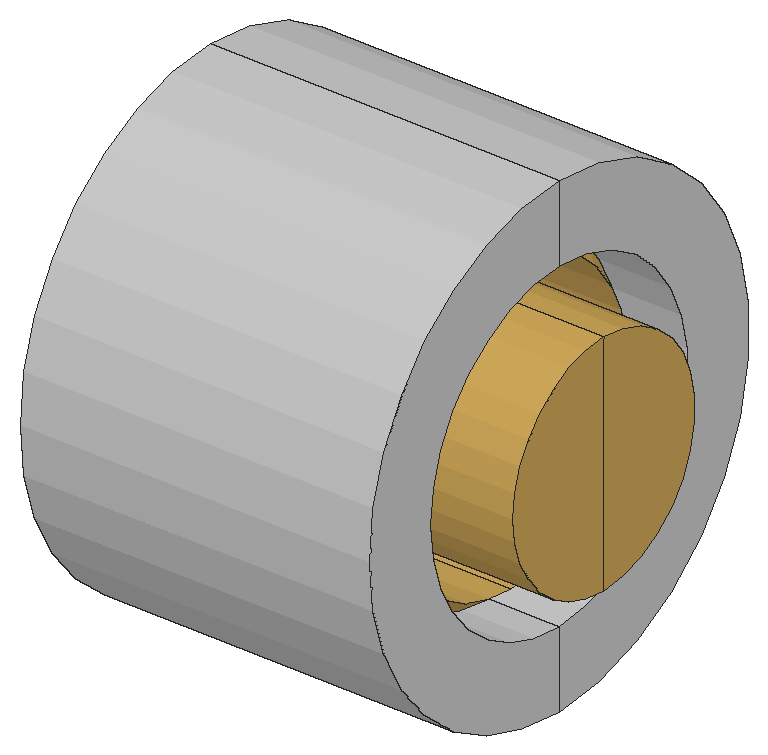
Revit family "6092_Kunststoffrohranschlüsse G 1_2 für PE-X, PB- & Alu-Verbundrohre (Doppel O-Ringe & ISO)", category Rohrformteile, Revit 2021
Family settings
  Bemaßung runder Anschluss = Durchmesser verwenden
  Teiletyp = Verbindung
  OmniClass-Nummer = 23.65.55.14
  OmniClass-Titel = Valves for Liquid Services
  Arbeitsebenenbasiert = Nein
  Immer vertikal = Ja
  Beim Laden mit Abzugskörper schneiden = Nein
  Gemeinsam genutzt = Nein
Parameters (values of type "16x2.0")
  Vorgabe-Ansicht = 0.000 mm
  URL = "www.herz-armaturen.at"
  Tülle = "CW617N"  # constant formula
  TL04 [instance] = if([12x2.0], 17.000 mm, if([16x2.0], 13.700 mm, 0.000 mm))  # 13.700 mm
  TL03 [instance] = if([12x2.0], 1.200 mm, if([16x2.0], 2.700 mm, 0.000 mm))  # 2.700 mm
  TL02 [instance] = if([12x2.0], 6.000 mm, if([16x2.0], 8.900 mm, 0.000 mm))  # 8.900 mm
  TL01 [instance] = 3.500 mm  # constant formula
  TL00 [instance] = if([12x2.0], 22.000 mm, if([16x2.0], 20.200 mm, 0.000 mm))  # 20.200 mm
  TD04 [instance] = if([12x2.0], 3.850 mm, if([16x2.0], 5.850 mm, 0.000 mm))  # 5.850 mm
  TD03 [instance] = if([12x2.0], 6.850 mm, if([16x2.0], 7.950 mm, 0.000 mm))  # 7.950 mm
  TD02 [instance] = if([12x2.0], 7.500 mm, if([16x2.0], 8.500 mm, 0.000 mm))  # 8.500 mm
  TD01 [instance] = if([12x2.0], 8.300 mm, if([16x2.0], 9.350 mm, 0.000 mm))  # 9.350 mm
  TD00 = 7.500 mm  # constant formula
  SCRNSEQ = "AWI;AWI_TYP=\"1001\";2"
  SCRNCODE = "07;01;02"  # constant formula
  S02 = 5.000 mm  # constant formula
  S01 = 5.000 mm  # constant formula
  O-Ring = "EPDM"  # constant formula
  Nennweite_Press [instance] = if([12x2.0], 12.000 mm, if([16x2.0], 16.000 mm, 0.000 mm))  # 16.000 mm
  Nennweite = 15.000 mm  # constant formula
  Mutter = "CW617N, vernickelt, M22x1.5"  # constant formula
  Medium = "Heizungswasser nach ÖNORM H5195 oder VDI- Richtlinie 2035.\r\nDie Verwendung von Ethylen- oder Propyleneglykol in einem Mischungsverhältnis 25-50% ist zulässig."
  Max. Betriebstemperatur = 95 °C  # constant formula
  Max. Betriebsdruck = 1000000.0 Pa  # constant formula
  ML03 = 5.000 mm  # constant formula
  ML02 [instance] = if([12x2.0], 10.500 mm, if([16x2.0], 14.000 mm, 0.000 mm))  # 14.000 mm
  ML01 [instance] = TL02 + KL01  # 13.900 mm
  ML00 [instance] = if([12x2.0], 17.000 mm, if([16x2.0], 18.000 mm, 0.000 mm))  # 18.000 mm
  MD04 = 12.800 mm  # constant formula
  MD03 = 11.000 mm  # constant formula
  MD02 [instance] = if([12x2.0], 6.500 mm, if([16x2.0], 8.325 mm, 0.000 mm))  # 8.325 mm
  MD01 = 9.500 mm  # constant formula
  MD00 [instance] = if([12x2.0], 13.500 mm, if([16x2.0], 12.250 mm, 0.000 mm))  # 12.250 mm
  Klemmring = "CW617N"  # constant formula
  KL02 [instance] = (KL00 - KL01) / 2  # 1.500 mm
  KL01 [instance] = if([12x2.0], 5.000 mm, if([16x2.0], 5.000 mm, 0.000 mm))  # 5.000 mm
  KL00 = 8.000 mm  # constant formula
  KH00 [instance] = if([12x2.0], 2.000 mm, if([16x2.0], 1.050 mm, 0.000 mm))  # 1.050 mm
  Hinweiß zum Werkstoff = "Gemäß Art 33 der REACH-Verordnung (EG Nr. 1907/2006) sind wir verpflichtet, darauf hinzuweisen, dass der Stoff Blei auf der SVHC-Liste geführt wird und dass alle aus Messing bestehenden Bauteile, die in unseren Erzeugnissen verarbeitet sind, mehr als 0,1 % (w/w) Blei (CAS: 7439-92-1 / EINECS: 231-100-4) enthalten.\r\nDa Blei als Legierungsbestandteil fest gebunden ist, sind keine Expositionen zu erwarten und daher sind keine zusätzlichen Angaben zur sicheren Verwendung notwendig."
  Hersteller = "HERZ Armaturen Ges.m.b.H."  # constant formula
  Bestellnummer [instance] = if([12x2.0], 1609211, if([16x2.0], 1609213, 0))  # 1609213
  Ausführung = "6092 G1/2 - 12 und 16mm:\r\nKunststoffrohranschluss mit Doppel-O-Ring, bestehend aus Schlauchtülle mit Konus, Schlauchklemmring und Überwurfmutter G1/2 mit Konus."
  Anwendungsgebiet = "Die Kunststoffrohranschlüsse sind geeignet für Heizungsinstallationen der Anwendungsklassen 1,2, 4 und 5, gemäß ISO 10508, für Rohre aus PE-X (EN ISO 15875) und PE-RT (EN ISO 22391), sowie für Kunststoff-Metall-Verbundrohre (EN ISO 21003).\r\nDie Vorgaben der Rohrhersteller bezüglich Druck und Temperatur sind zu beachten.\r\nDer Kunststoffrohranschluss stellt eine absolut sichere Verbindung zwischen Rohr und Ventilgehäuse dar.\r\nDiese Verbindung kann bei Bedarf jederzeit gelöst werden.\r\nEine einwandfreie Dichtheit ist auf Dauer nur dann gegeben, wenn die Montage ordnungsgemäß nach HERZ-Montageanleitung durchgeführt wurde."
  16x2.0 = yes
  12x2.0 = no
Types (3, lengths in mm): name | TL04 | TL03 | TL02 | TL00 | TD04 | TD03 | TD02 | TD01 | Nennweite_Press | ML02 | ML01 | ML00 | MD02 | MD00 | KH00 | Bestellnummer | 16x2.0 | 12x2.0
  (no name) | 13.700 | 2.700 | 8.900 | 20.200 | 5.850 | 7.950 | 8.500 | 9.350 | 16.000 | 14.000 | 13.900 | 18.000 | 8.325 | 12.250 | 1.050 | 1609213 | yes | no
  12x2.0 | 17.000 | 1.200 | 6.000 | 22.000 | 3.850 | 6.850 | 7.500 | 8.300 | 12.000 | 10.500 | 11.000 | 17.000 | 6.500 | 13.500 | 2.000 | 1609211 | no | yes
  16x2.0 | 13.700 | 2.700 | 8.900 | 20.200 | 5.850 | 7.950 | 8.500 | 9.350 | 16.000 | 14.000 | 13.900 | 18.000 | 8.325 | 12.250 | 1.050 | 1609213 | yes | no
Reference planes
  plane 1 "Mitte (Vorne/hinten)": y = 0
  plane 2: z = 0
  plane 3 "Mitte (Links/rechts)": x = 0
Forms (mm)
  Revolve 1, solid, material "Messing, weicher Gelbton, geschweißt", detail levels fine
    sketch origin (-63.82, 0, 0) x (1, 0, 0) y (0, 0, 1)
      loop
        line (63.82, 0) -> (84.02, 0) -> (84.02, 5.85) -> (70.32, 5.85) -> (70.32, 7.95) -> (72.72, 8.5) -> (72.72, 9.35) -> (70.02, 9.35) -> (67.32, 7.5) -> (63.82, 7.5) -> (63.82, 0)
      axis (63.82, 0) -> (84.02, 0)
    angle from 0 to 360
  Revolve 2, solid, material "Messing, vernickelt", detail levels fine
    sketch origin (-64.32, 0, 0) x (1, 0, 0) y (0, 0, 1)
      loop
        line (64.22, 9.5) -> (78.22, 9.5) -> (78.22, 8.325) -> (82.22, 8.325) -> (82.22, 12.25) -> (64.22, 12.25) -> (64.22, 9.5)
      axis (64.22, 0) -> (82.22, 0)
    angle from 0 to 360
  Revolve 3, solid, material "Messing, weicher Gelbton, geschweißt", detail levels fine
    sketch origin (0, 0, 0) x (1, 0, 0) y (0, 0, 1)
      loop
        line (7.4, 7.45) -> (15.4, 7.45) -> (13.9, 8.5) -> (8.9, 8.5) -> (7.4, 7.45)
      axis (7.4, 0) -> (15.4, 0)
    angle from 0 to 360
Lines and regions (mm)
  model lines, detail levels coarse+medium
    curve 1: line (0, 0, 0) -> (20.2, 0, 0)
    curve 2: line (5, 0, 12.25) -> (5, 0, -12.25)
    curve 3: line (5, 0, -12.25) -> (10, 0, -12.25)
    curve 4: line (10, 0, -12.25) -> (5, 0, 0)
    curve 5: line (5, 0, 12.25) -> (10, 0, 12.25)
    curve 6: line (10, 0, 12.25) -> (5, 0, 0)
    curve 7: line (5, 12.25, 0) -> (5, -12.25, 0)
    curve 8: line (5, -12.25, 0) -> (10, -12.25, 0)
    curve 9: line (10, -12.25, 0) -> (5, 0, 0)
    curve 10: line (5, 12.25, 0) -> (10, 12.25, 0)
    curve 11: line (10, 12.25, 0) -> (5, 0, 0)
Dimensions and locks
  "TL01": Revolve 1 sketch curve to plane 3 "Mitte (Links/rechts)"
  "TL02": Revolve 1 sketch curve to plane 3 "Mitte (Links/rechts)"
  "TL00": Revolve 1 sketch curve to Revolve 1 sketch curve
  "TL03": Revolve 1 sketch curve to Revolve 1 sketch curve
  "TL04": Revolve 1 sketch curve to Revolve 1 sketch curve
  "TL02": Revolve 3 sketch curve to plane 3 "Mitte (Links/rechts)"
  "KL00": Revolve 3 sketch curve to Revolve 3 sketch curve
  "KH00": Revolve 3 sketch curve to Revolve 3 sketch curve
  "TD02": Revolve 3 sketch curve to plane 2
  "TD04": Revolve 1 sketch curve to plane 2
  "TD03": Revolve 1 sketch curve to plane 2
  "TD02": Revolve 1 sketch curve to plane 2
  "TD01": Revolve 1 sketch curve to plane 2
  "TD00": Revolve 1 sketch curve to plane 2
  "KL01": Revolve 3 sketch curve to Revolve 3 sketch curve
  "KL02": Revolve 3 sketch curve to Revolve 1
  "ML01": Revolve 2 sketch curve to plane 3 "Mitte (Links/rechts)"
  "ML00": Revolve 2 sketch curve to Revolve 2 sketch curve
  "ML02": Revolve 2 sketch curve to Revolve 2 sketch curve
  "MD00": Revolve 2 sketch curve to plane 2
  "MD01": Revolve 2 sketch curve to plane 2
  "MD02": Revolve 2 sketch curve to plane 2
  "TL00": curve 1 to curve 1
  "S01": curve 2 to plane 3 "Mitte (Links/rechts)"
  "S02": curve 2 to curve 6
  "MD00": curve 5 to plane 2 to curve 3
  "S01": plane 3 "Mitte (Links/rechts)" to curve 7
  "S02": curve 7 to curve 9
  "MD00": curve 8 to plane 1 "Mitte (Vorne/hinten)" to curve 10
  aligned and locked: level to plane 2
Automatic sketch dimensions
  curve 1 to level = 0.000 mm
  curve 1 to plane 3 "Mitte (Links/rechts)" = 0.000 mm
  curve 4 to level = 0.000 mm
  curve 2 to curve 4 = 5.000 mm
  curve 6 to curve 4 = 0.000 mm
  plane 1 "Mitte (Vorne/hinten)" to curve 9 = 0.000 mm
  plane 1 "Mitte (Vorne/hinten)" to curve 11 = 0.000 mm
  curve 7 to curve 10 = 5.000 mm
  Revolve 1 sketch curve to level = 0.000 mm  (x2)
  Revolve 1 sketch curve to plane 3 "Mitte (Links/rechts)" = 0.000 mm
  Revolve 1 sketch curve to plane 3 "Mitte (Links/rechts)" = 1570.350 mm
  Revolve 1 sketch curve to Revolve 1 sketch curve = 1757.728 mm
  Revolve 2 sketch curve to level = 0.000 mm
  Revolve 2 sketch curve to Revolve 2 sketch curve = 1566.550 mm
  Revolve 2 sketch curve to Revolve 2 sketch curve = 1757.488 mm
  Revolve 3 sketch curve to level = 0.000 mm
  Revolve 3 sketch curve to plane 3 "Mitte (Links/rechts)" = 1506.530 mm
  Revolve 3 sketch curve to Revolve 3 sketch curve = 1822.648 mm
Connectors
  piping at (13.9, 0, 0), diameter 15, driven by "Nennweite"
    settings: on Revolve 2, index 1, connector inside diameter 609.6 mm, connector length 0.000 mm, flow factor 0, pipe flow 0.0 L/s, pressure drop 0.0 Pa, fitting loss kfactor 0, connector angle 0.00°, fixture units 0, engagement length 0.000 mm, angle of deflection 0.00°, flow configuration 0, flow direction 0, fitting loss method 0, system type 29, joint type 0, gender type 0, connector reference index -1, connector utility 0, adjustable connector no, is connector primary yes, connector description ""
  piping at (6.5, 0, 0), diameter 16, driven by "Nennweite_Press"
    settings: on Revolve 1, index 2, connector inside diameter 609.6 mm, connector length 0.000 mm, flow factor 0, pipe flow 0.0 L/s, pressure drop 0.0 Pa, fitting loss kfactor 0, connector angle 0.00°, fixture units 0, engagement length 0.000 mm, angle of deflection 0.00°, flow configuration 0, flow direction 0, fitting loss method 0, system type 29, joint type 0, gender type 0, connector reference index -1, connector utility 0, adjustable connector no, is connector primary no, connector description ""
